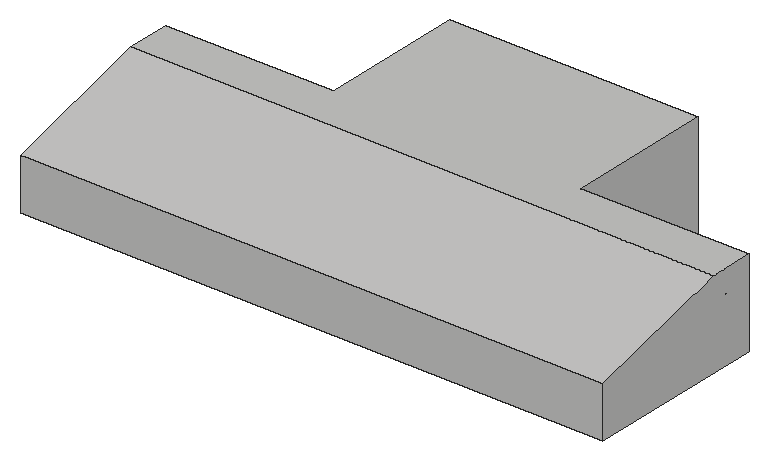
Revit family "Gaius PL Lamp", category Lighting Fixtures, Revit 2012
Parameters (values of type "9570")
  Width = 400 mm
  Wattage = 9.2903 W
  built-in parameter 1150110 = 1 (stored number, unit not read)
  URL = "www.korpinen.com"
  built-in parameter 1114217 = 1 (stored number, unit not read)
  built-in parameter 1150109 = 1 (stored number, unit not read)
  built-in parameter 1150134 = 10
  built-in parameter 1150113 = 1 (stored number, unit not read)
  Model = "6112 Gaius PL Lamp"
  Material Shade = Glass - White, Frosted
  Material = Paint White
  Manufacturer = "Korpinen Oy"
  Lumens = 1380 lm
  built-in parameter 1150115 = 1 (stored number, unit not read)
  built-in parameter 1150105 = 109.82 (stored number, unit not read)
  Light Source Symbol Size = 30 mm
  built-in parameter 1150137 = (empty or 0)
  built-in parameter 1150139 = (empty or 0)
  built-in parameter 1150112 = 1 (stored number, unit not read)
  built-in parameter 1150114 = 1 (stored number, unit not read)
  Installation Height [instance] = 1900 mm
  built-in parameter 1150132 = 2
  built-in parameter 1150102 = (empty or 0)
  built-in parameter 1150138 = (empty or 0)
  built-in parameter 1150107 = 6430 (stored number, unit not read)
  built-in parameter 1150106 = 1.0982 (stored number, unit not read)
  Height = 0 mm
  HHH = yes
  Emit from Line Length = Width - 60 mm  # 340 mm
  built-in parameter 1150104 = 13.8 (stored number, unit not read)
  Dimming Lamp Color Temperature Shift = <None>
  Color Filter = 16777215
  built-in parameter 1114218 = 1 (stored number, unit not read)
  built-in parameter 1150133 = 10 (stored number, unit not read)
Reference planes
  plane 1 "Light Source Axis (F/B)": y = 0
  plane 2: z = 0
  plane 3 "Light Source Axis (L/R)": x = 0
  plane 4 "Light Source Elevation": z = 1937.5
  plane 5: x = -200
  plane 6: x = 200
  plane 7: y = 63
  plane 8: z = 1985
  plane 9: z = 1900
Forms (mm)
  Extrusion 1, solid, material "Paint White" <- "Material"
    sketch origin (0, -20, 0) x (1, 0, 0) y (0, 1, 0)
      loop
        line (85, 83) -> (85, 183) -> (-85, 183) -> (-85, 83) -> (85, 83)
    from 1900 to 1985
  Extrusion 2, solid, material "Paint White" <- "Material"
    sketch origin (0, -20, -15) x (0, 1, 0) y (0, 0, 1)
      loop
        line (83, 2000) -> (53, 2000) -> (-42, 1975) -> (-42, 1940) -> (-39, 1940) -> (-39, 1972.687) -> (29.82, 1990.798)
        arc (29.82, 1990.798) -> (64.421, 1983.795) -> (80, 1952.115) r 40
        line (80, 1952.115) -> (80, 1940) -> (83, 1940) -> (83, 2000)
    from -200 to 200
  Extrusion 3, solid, material "Glass - White, Frosted" <- "Material Shade"
    sketch origin (0, 0, 0) x (0, 1, 0) y (0, 0, 1)
      loop
        line (60, 1925) -> (60, 1928) -> (-59, 1928) -> (-59, 1925) -> (60, 1925)
    from -197 to 197
  Extrusion 4, solid, material "Paint White" <- "Material"
    sketch origin (0, 0, 0) x (0, 1, 0) y (0, 0, 1)
      loop
        line (63, 1985) -> (33, 1985) -> (-62, 1960) -> (-62, 1925) -> (63, 1925) -> (63, 1985)
    from 200 to 197
  Extrusion 5, solid, material "Paint White" <- "Material"
    sketch origin (0, 0, 0) x (0, 1, 0) y (0, 0, -1)
      loop
        line (63, -1985) -> (63, -1925) -> (-62, -1925) -> (-62, -1960) -> (33, -1985) -> (63, -1985)
    from 200 to 197
Cuts and joins
  joined: Extrusion 1, Extrusion 2, Extrusion 4, Extrusion 5
Lines and regions (mm)
  symbolic lines, style "Above Cutting Plane", detail levels fine
    curve 1: line (-200, -62, 0) -> (200, -62, 0)
    curve 2: line (-200, 63, 0) -> (-200, -62, 0)
    curve 3: line (200, 63, 0) -> (200, -62, 0)
  model lines, style "InvisibleLines"
    curve 4: line (200, 63, 0) -> (-200, 63, 0)
Dimensions and locks
  "Width": plane 6 to plane 5
  equal spacing: plane 6, plane 3 "Light Source Axis (L/R)", plane 5
  locked: plane 8 to plane 9 at 85
  locked: plane 4 "Light Source Elevation" to plane 9 at 37.5
  "Installation Height": plane 9 to level
  Extrusion 1 to plane 1 "Light Source Axis (F/B)" = 63 mm
  aligned and locked: plane 3 "Light Source Axis (L/R)" to imposter light
  aligned and locked: imposter light to plane 1 "Light Source Axis (F/B)"
  aligned and locked: plane 4 "Light Source Elevation" to imposter light
  aligned and locked: level to plane 2
  aligned and locked: curve 3 to plane 6
  aligned and locked: plane 7 to curve 4
  aligned and locked: curve 2 to plane 5
  aligned and locked: cut or joined group of Extrusion 1, Extrusion 2, Extrusion 4, Extrusion 5 to plane 9
  aligned and locked: Extrusion 2 to Extrusion 1
  aligned and locked: plane 8 to Extrusion 2
  aligned and locked: plane 8 to Extrusion 1
Automatic sketch dimensions
  Extrusion 1 sketch curve to plane 7 = 0 mm
  Extrusion 1 sketch curve to plane 3 "Light Source Axis (L/R)" = 85 mm
  plane 3 "Light Source Axis (L/R)" to Extrusion 1 sketch curve = 85 mm
  Extrusion 1 sketch curve to Extrusion 1 sketch curve = 100 mm
  Extrusion 2 sketch curve to plane 8 = 0 mm
  Extrusion 2 sketch curve to plane 7 = 0 mm
  plane 4 "Light Source Elevation" to Extrusion 2 sketch curve = 0.385 mm
  Extrusion 2 sketch curve to plane 7 = 3 mm
  Extrusion 2 sketch curve to plane 7 = 30 mm
  Extrusion 2 sketch curve to plane 1 "Light Source Axis (F/B)" = 20 mm
  Extrusion 2 sketch curve to plane 8 = 9.202 mm
  plane 4 "Light Source Elevation" to Extrusion 2 sketch curve = 12.5 mm
  plane 1 "Light Source Axis (F/B)" to Extrusion 2 sketch curve = 59 mm
  Extrusion 2 sketch curve to Extrusion 2 sketch curve = 3 mm
  Extrusion 2 sketch curve to Extrusion 2 sketch curve = 12.115 mm
  Extrusion 2 sketch curve to plane 4 "Light Source Elevation" = 20.187 mm
  Extrusion 2 sketch curve to Extrusion 2 sketch curve = 2.313 mm
  plane 4 "Light Source Elevation" to Extrusion 3 sketch curve = 12.5 mm
  plane 1 "Light Source Axis (F/B)" to Extrusion 3 sketch curve = 59 mm
  Extrusion 3 sketch curve to plane 7 = 3 mm
  Extrusion 3 sketch curve to Extrusion 3 sketch curve = 3 mm
  Extrusion 4 sketch curve to plane 8 = 0 mm
  Extrusion 4 sketch curve to plane 7 = 0 mm
  Extrusion 4 sketch curve to plane 7 = 30 mm
  plane 4 "Light Source Elevation" to Extrusion 4 sketch curve = 12.5 mm
  plane 1 "Light Source Axis (F/B)" to Extrusion 4 sketch curve = 62 mm
  Extrusion 4 sketch curve to plane 4 "Light Source Elevation" = 22.5 mm
  Extrusion 5 sketch curve to plane 8 = 0 mm
  Extrusion 5 sketch curve to plane 7 = 0 mm
  Extrusion 5 sketch curve to plane 7 = 30 mm
  plane 4 "Light Source Elevation" to Extrusion 5 sketch curve = 12.5 mm
  plane 1 "Light Source Axis (F/B)" to Extrusion 5 sketch curve = 62 mm
  Extrusion 5 sketch curve to plane 4 "Light Source Elevation" = 22.5 mm
  plane 1 "Light Source Axis (F/B)" to curve 1 = 62 mm
